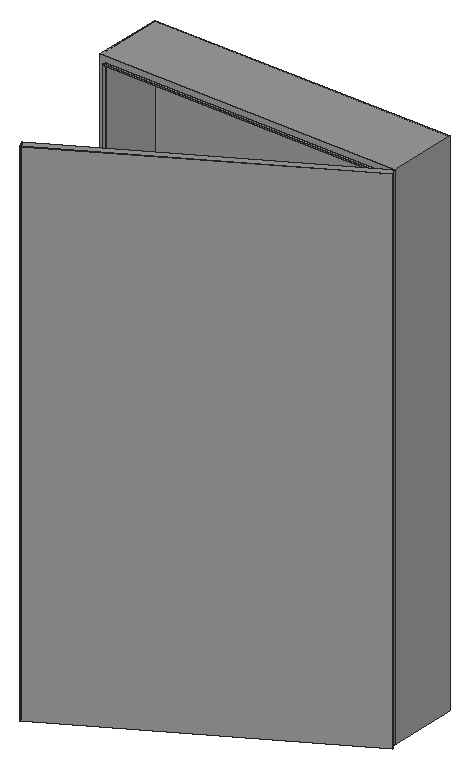
Revit family "Hager-Univers-IP54-D205-H1400-Cl.II-Encl-NoHosted-PL-en", category Equipement électrique, Revit 2020
Family settings
  Configuration du panneau = Deux colonnes, circuits au sein
  Cote de connecteur circulaire = Utiliser le diamètre
  Type d'élément = Tableau de raccordement
  Basée sur le plan de construction = Oui
  Toujours verticalement = Oui
  Couper avec des vides une fois chargée = Non
  Partagée = Non
  Point de calcul de pièce = Non
Parameters (values of type "Surface mounted (plaster) IP54 W800 H1400 D205  - FP93SW2")
  Width Control [instance] = if([EF000008 - Width] > Min Width, [EF000008 - Width], Min Width)  # 800 mm
  Commentaires du type = [HG000003 - Range]  # "Univers"
  Thickness Door [instance] = if([EF009171 - Material plate thickness door/cover] > 3 mm, 3 mm, [EF009171 - Material plate thickness door/cover])  # 1 mm
  Seal Frame Offset [instance] = 17 mm  # constant formula
  Plinth Visibility [instance] = [HG000027 - Plinth height] > 0 mm  # no
  Min Width [instance] = 100 mm  # constant formula
  Min Depth [instance] = (2 * [EF009170 - Material plate thickness cabinet]) + 1 mm  # 3 mm
  Min Height [instance] = 100 mm  # constant formula
  Internal Frame Depth [instance] = (Door System Depth * 0.5)  # 9 mm
  Panel Name [instance] = ""  # (empty or 0)
  Model = ""
  HG000027 - Plinth height = 0 mm
  HG000026 - Floor standing = no
  HG000024 - Bottom section height = 600 mm
  HG000023 - Double section enclosure = no
  HG000016 - Door 3d visibility [instance] = yes
  HG000015 - Clearance visibility [instance] = no
  HG000014 - Door on the right [instance] = yes
  HG000013 - Door on the left [instance] = not([HG000014 - Door on the right])  # no
  HG000012 - Door swing angle [instance] = 30.00°
  HG000010 - Asymmetric doors = no
  HG000009 - Double swing door = no
  HG000006 - Flush mounted = no
  HG000004 - Manufacturer reference = "FP93SW2"
  HG000003 - Range = "Univers"
  HG000002 - With door or cover = yes
  Frame Offset Bottom [instance] = 10 mm  # constant formula
  Frame Offset [instance] = 15 mm  # constant formula
  EF015940 - Cover with overpressure release = no
  EF011959 - Degree of protection (NEMA) = ""
  EF009554 - Number of openings for flange plates = 6
  EF009212 - Cover model = "EV000116 - Closed"
  EF009171 - Material plate thickness door/cover = 1 mm
  EF009170 - Material plate thickness cabinet = 1 mm
  EF008873 - Nominal current (In) = 250 A
  EF007800 - Suitable for lightning protection = no
  EF006306 - With lock = no
  EF006244 - Transparent cover/door = no
  EF005474 - Degree of protection (IP) = "EV006419 - IP54"
  EF004464 - Type of door = "EV002646 - Single"
  EF004427 - Number of modules = 324
  EF004293 - Impact strength = "EV006815 - IK09"
  EF003532 - Suitable for outdoor use = no
  EF002950 - Width in number of modular spacings = 36
  EF001613 - Circuit integrity = "EV000494 - None"
  EF001596 - Material housing = "EV000179 - Steel"
  EF001131 - Internal depth = 130 mm
  EF001088 - Extension possible = yes
  EF000437 - Number of conduit inlets = 6
  EF000339 - Type of cover = "EV004216 - Door"
  EF000266 - Number of rows = 9
  EF000218 - Built-in depth = 205 mm
  EF000118 - With mounting plate = no
  EF000116 - RAL-number = "9010"
  EF000049 - Depth = 205 mm
  EF000040 - Height = 1400 mm
  EF000008 - Width = 800 mm
  EF000007 - Colour = "EV000202 - White"
  EF000003 - Mounting method = "EV000384 - Surface mounted (plaster)"
  Door System Leaf Tolerance [instance] = 1.5 mm  # constant formula
  Door System Depth [instance] = 18 mm  # constant formula
  Door Height [instance] = Height Control - [HG000027 - Plinth height]  # 1400 mm
  Description = ""
  Default Elevation = 1219.2 mm
  Connector Offset [instance] = Height Control / 2  # 700 mm
  Fabricant = "Hager"  # constant formula
  Height Control [instance] = if([EF000040 - Height] > Min Height, [EF000040 - Height], Min Height)  # 1400 mm
  Depth Control [instance] = if([EF000049 - Depth] > Min Depth, [EF000049 - Depth], Min Depth)  # 205 mm
  Bottom Top Plate Trim [instance] = 1.5 mm  # constant formula
  Plinth height Ctrl [instance] = if([HG000027 - Plinth height] > 0 mm, [HG000027 - Plinth height], 12 mm)  # 12 mm
Types (5, lengths in mm): name | Width Control | HG000010 - Asymmetric doors | HG000009 - Double swing door | HG000004 - Manufacturer reference | EF009554 - Number of openings for flange plates | EF004464 - Type of door | EF004427 - Number of modules | EF002950 - Width in number of modular spacings | EF000437 - Number of conduit inlets | EF000008 - Width
  Surface mounted (plaster) IP54 W1050 H1400 D205  - FP94SW2 | 1050 | no | yes | "FP94SW2" | 8 | "EV003602 - Double" | 432 | 48 | 8 | 1050
  Surface mounted (plaster) IP54 W1300 H1400 D205  - FP95SW2 | 1300 | yes | yes | "FP95SW2" | 10 | "EV003602 - Double" | 540 | 60 | 10 | 1300
  Surface mounted (plaster) IP54 W300 H1400 D205  - FP91SW2 | 300 | no | no | "FP91SW2" | 2 | "EV002646 - Single" | 108 | 12 | 2 | 300
  Surface mounted (plaster) IP54 W550 H1400 D205  - FP92SW2 | 550 | no | no | "FP92SW2" | 4 | "EV002646 - Single" | 216 | 24 | 4 | 550
  Surface mounted (plaster) IP54 W800 H1400 D205  - FP93SW2 | 800 | no | no | "FP93SW2" | 6 | "EV002646 - Single" | 324 | 36 | 6 | 800
Reference planes
  plane 1 "Center (Front/Back)": y = 0
  plane 2: z = 0
  plane 3 "Center (Left/Right)": x = 0
  plane 4: y = 0
  plane 5: y = 0
  plane 6: z = 0
  plane 7: x = -400
  plane 8: x = 400
  plane 9: x = 399
  plane 10: x = -399
  plane 11: z = 0
  plane 12: z = 1
  plane 13: y = -205
  plane 14: y = -1
  plane 15: x = 0
  plane 16: y = -187
  plane 17: y = -204
  plane 18: y = -186
  plane 19: x = -384
  plane 20: x = 384
  plane 21: z = 11
  plane 22: x = -383
  plane 23: x = 383
  plane 24: z = 0
  plane 25: z = 1400
  plane 26: z = 1400
  plane 27: z = 1384
  plane 28: z = 1399
Forms (mm)
  Extrusion 1, solid, material "Hager_Steel_RAL7035_Light_Grey", detail levels medium+fine
    sketch origin (-208.679, -4572, 0) x (-1, 0, 0) y (0, -1, 0)
      loop
        line (191.321, -4385) -> (-608.679, -4385) -> (-608.679, -4572) -> (191.321, -4572) -> (191.321, -4385)
    from 0 to 1400
  Extrusion 2, void
    sketch origin (-350.771, -205, 1219.2) x (1, 0, 0) y (0, 0, 1)
      loop
        line (-48.229, 179.8) -> (-48.229, -1218.2) -> (749.771, -1218.2) -> (749.771, 179.8) -> (-48.229, 179.8)
    from -19 to -204
  Extrusion 3, void
    sketch origin (-290.084, -187, 1219.2) x (1, 0, 0) y (0, 0, 1)
      loop
        line (-93.916, -1208.2) -> (674.084, -1208.2) -> (674.084, 164.8) -> (-93.916, 164.8) -> (-93.916, -1208.2)
    from 0 to -1
  Extrusion 4, solid, material "Hager_Steel_RAL7035_Light_Grey", visible <- "Plinth Visibility", detail levels medium+fine
    sketch origin (0, 0, 0) x (1, 0, 0) y (0, 1, 0)
      loop
        line (-400, 0) -> (-400, -187) -> (400, -187) -> (400, 0) -> (-400, 0)
    from 0 to 12 <- "Plinth height Ctrl"
  Extrusion 5, solid, material "Hager_Steel_RAL7035_Light_Grey", detail levels coarse
    sketch origin (0, 0, 0) x (1, 0, 0) y (0, 1, 0)
      loop
        line (-400, 0) -> (-400, -205) -> (400, -205) -> (400, 0) -> (-400, 0)
    from 0 to 1400 <- "Height Control"
  Sweep 6, void
    path in 3D
      loop
        line (-400, -187, 12) -> (400, -187, 12) -> (400, 0, 12) -> (-400, 0, 12) -> (-400, -187, 12)
    profile origin (-400, -93.5, 12) x (1, 0, 0) y (0, 0, 1)
      loop
        line (0, 0) -> (0, -1.5) -> (1.5, -1.5)
        arc (1.5, -1.5) -> (1.061, -0.439) -> (0, 0) r 1.5
  Extrusion 7, solid, material "Hager_Steel_RAL7035_Light_Grey", detail levels fine
    sketch origin (-400, -187, 0) x (1, 0, 0) y (0, 0, 1)
      loop
        line (16, 11) -> (784, 11) -> (784, 1384) -> (16, 1384) -> (16, 11)
      loop
        line (15, 10) -> (785, 10) -> (785, 1385) -> (15, 1385) -> (15, 10)
    from 0 to 9 <- "Internal Frame Depth"
Cuts and joins
  Extrusion 2, Extrusion 3 cuts Extrusion 1
  Sweep 6 cuts Extrusion 4
Lines and regions (mm)
  Masking region 1
    outline origin (0, 0, 0) x (1, 0, 0) y (0, 1, 0)
      loop
        line (-400, 0) -> (-400, -205) -> (400, -205) -> (400, 0) -> (-400, 0)
  Masking region 2, detail levels coarse
    outline origin (-290.084, -187, 1219.2) x (-1, 0, 0) y (0, 0, 1)
      loop
        line (-690.084, -1219.2) -> (109.916, -1219.2) -> (109.916, 180.8) -> (-690.084, 180.8) -> (-690.084, -1219.2)
  Masking region 3, detail levels coarse
    outline origin (0, 0, 0) x (0, 1, 0) y (0, 0, 1)
      loop
        line (0, 0) -> (0, 1400) -> (-205, 1400) -> (-205, 0) -> (0, 0)
  Masking region 4, visible <- "Plinth Visibility", detail levels medium+fine
    outline origin (0, 0, 0) x (0, 1, 0) y (0, 0, 1)
      loop
        line (-1.5, 12) -> (-185.5, 12)
        arc (-185.5, 12) -> (-185.939, 10.939) -> (-187, 10.5) r 1.5
        line (-187, 10.5) -> (-187, 0) -> (0, 0) -> (0, 10.5)
        arc (0, 10.5) -> (-1.061, 10.939) -> (-1.5, 12) r 1.5
  Masking region 5, detail levels medium+fine
    outline origin (0, 0, 594.038) x (0, 1, 0) y (0, 0, 1)
      loop
        line (0, -594.038) -> (0, 805.962) -> (-187, 805.962) -> (-187, -594.038) -> (0, -594.038)
  Masking region 6, detail levels medium+fine
    outline origin (-359.7, -187, 1211.883) x (-1, 0, 0) y (0, 0, 1)
      loop
        line (-759.7, -1211.883) -> (40.3, -1211.883) -> (40.3, 188.117) -> (-759.7, 188.117) -> (-759.7, -1211.883)
  Masking region 7, visible <- "Plinth Visibility", detail levels medium+fine
    outline origin (-320.334, -187, 1041.368) x (-1, 0, 0) y (0, 0, 1)
      loop
        line (-720.334, -1041.368) -> (79.666, -1041.368) -> (79.666, -1030.868)
        arc (79.666, -1030.868) -> (78.606, -1030.429) -> (78.166, -1029.368) r 1.5
        line (78.166, -1029.368) -> (-718.834, -1029.368)
        arc (-718.834, -1029.368) -> (-719.273, -1030.429) -> (-720.334, -1030.868) r 1.5
        line (-720.334, -1030.868) -> (-720.334, -1041.368)
  sketch lines
    curve 1: line (-400, 0, 12) -> (-400, -187, 12)
    curve 2: line (-400, -187, 12) -> (400, -187, 12)
    curve 3: line (400, 0, 12) -> (-400, 0, 12)
    curve 4: line (400, -187, 12) -> (400, 0, 12)
Dimensions and locks
  locked: plane 1 "Center (Front/Back)" to plane 5
  "EF009170 - Material plate thickness cabinet": plane 7 to plane 10
  "EF009170 - Material plate thickness cabinet": plane 8 to plane 9
  equal spacing: plane 7, plane 3 "Center (Left/Right)", plane 8
  "Width Control": plane 7 to plane 8
  "Depth Control": plane 4 to plane 13
  "EF009170 - Material plate thickness cabinet": plane 4 to plane 14
  "Height Control": plane 25 to level
  "HG000027 - Plinth height": plane 11 to level
  "EF009170 - Material plate thickness cabinet": plane 12 to plane 11
  "EF009170 - Material plate thickness cabinet": plane 17 to plane 13
  "EF009170 - Material plate thickness cabinet": plane 18 to plane 16
  "Frame Offset Bottom": plane 21 to plane 12
  "Frame Offset": plane 10 to plane 19
  "Frame Offset": plane 9 to plane 20
  "Door System Depth": plane 16 to plane 13
  "Seal Frame Offset": plane 7 to plane 22
  "Seal Frame Offset": plane 8 to plane 23
  "EF009170 - Material plate thickness cabinet": plane 26 to plane 28
  "Frame Offset": plane 28 to plane 27
  "Connector Offset": plane 2 to connector elem
  "Bottom Top Plate Trim": profile plane to Sweep 6 sketch curve
  "Bottom Top Plate Trim": Sweep 6 sketch curve to Sweep 6 sketch curve
  "Plinth height Ctrl": Masking region 4 sketch curve to level
  "Plinth height Ctrl": Masking region 7 sketch curve to level
  "Thickness Door": Extrusion 7 sketch curve to Extrusion 7 sketch curve  (x4)
  "Bottom Top Plate Trim": radius of Sweep 6 sketch curve
  "Bottom Top Plate Trim": radius of Masking region 4 sketch curve  (x2)
  "Bottom Top Plate Trim": radius of Masking region 7 sketch curve  (x2)
  aligned and locked: Extrusion 2 sketch curve to plane 12
  aligned and locked: Extrusion 2 sketch curve to plane 9
  aligned and locked: Extrusion 2 sketch curve to plane 10
  aligned and locked: Extrusion 2 to plane 14
  aligned and locked: Extrusion 1 sketch curve to plane 4
  aligned and locked: plane 8 to Extrusion 1 sketch curve
  aligned and locked: plane 7 to Extrusion 1 sketch curve
  aligned and locked: Extrusion 2 to plane 18
  aligned and locked: Extrusion 3 sketch curve to plane 19
  aligned and locked: plane 20 to Extrusion 3 sketch curve
  aligned and locked: Extrusion 3 to Extrusion 2
  aligned and locked: Extrusion 3 sketch curve to plane 21
  aligned and locked: plane 3 "Center (Left/Right)" to nested 1
  aligned and locked: Extrusion 1 sketch curve to plane 16
  aligned and locked: Extrusion 4 sketch curve to cut or joined group of Extrusion 1, Extrusion 2, Extrusion 3
  aligned and locked: Masking region 1 sketch curve to plane 7
  aligned and locked: Masking region 1 sketch curve to plane 5
  aligned and locked: Masking region 1 sketch curve to plane 8
  aligned and locked: Masking region 2 sketch curve to level
  aligned and locked: level to Masking region 3 sketch curve
  aligned and locked: plane 1 "Center (Front/Back)" to Masking region 3 sketch curve
  aligned and locked: plane 13 to Masking region 3 sketch curve
  aligned and locked: plane 5 to Masking region 4 sketch curve
  aligned and locked: Masking region 2 sketch curve to plane 8
  aligned and locked: Masking region 2 sketch curve to plane 7
  aligned and locked: plane 7 to nested 2
  aligned and locked: nested 2 to plane 5
  aligned and locked: plane 5 to Masking region 5 sketch curve
  aligned and locked: plane 26 to Masking region 5 sketch curve
  aligned and locked: Extrusion 5 sketch curve to plane 8
  aligned and locked: Extrusion 5 sketch curve to plane 7
  aligned and locked: Extrusion 5 sketch curve to plane 5
  aligned and locked: Extrusion 3 sketch curve to plane 27
  aligned and locked: Extrusion 2 sketch curve to plane 28
  aligned and locked: Masking region 2 to plane 25
  aligned and locked: Extrusion 4 to plane 16
  aligned and locked: profile plane to Sweep 6 sketch curve
  aligned and locked: Masking region 5 sketch curve to plane 24
  aligned and locked: level to Masking region 4 sketch curve
  aligned and locked: Masking region 1 to plane 13
  aligned and locked: nested 1 to plane 16
  aligned and locked: Masking region 3 to plane 25
  aligned and locked: plane 16 to Masking region 4 sketch curve
  aligned and locked: Masking region 5 sketch curve to plane 16
  aligned and locked: plane 24 to plane 11
  aligned and locked: plane 26 to plane 25
  aligned and locked: plane 26 to cut or joined group of Extrusion 1, Extrusion 2, Extrusion 3
  aligned and locked: nested 1 to plane 24
  aligned and locked: Extrusion 1 to Extrusion 3
  aligned and locked: Masking region 6 sketch curve to plane 8
  aligned and locked: Masking region 6 sketch curve to plane 24
  aligned and locked: Masking region 6 sketch curve to plane 7
  aligned and locked: Masking region 6 sketch curve to plane 26
  aligned and locked: Masking region 7 sketch curve to plane 7
  aligned and locked: level to Masking region 7 sketch curve
  aligned and locked: Masking region 7 sketch curve to plane 8
  aligned and locked: Extrusion 7 sketch curve to cut or joined group of Extrusion 1, Extrusion 2, Extrusion 3  (x4)
Automatic sketch dimensions
  plane 19 to Extrusion 3 sketch curve = 0 mm
  Extrusion 3 sketch curve to plane 20 = 0 mm
  Extrusion 3 sketch curve to plane 21 = 0 mm
  Extrusion 4 sketch curve to plane 7 = 0 mm
  Extrusion 4 sketch curve to plane 8 = 0 mm
  Extrusion 4 sketch curve to plane 16 = 0 mm
  Masking region 1 sketch curve to plane 13 = 0 mm
  Masking region 2 sketch curve to plane 25 = 0 mm
  Masking region 3 sketch curve to plane 25 = 0 mm
  Extrusion 5 sketch curve to plane 13 = 0 mm
  profile plane to Sweep 6 sketch curve = 0 mm
Nested families
  nested 1: "EC000058_Univers_Door" at (0, -187, 0), Double <- "HG000009 - Double swing door", Transparent <- "EF006244 - Transparent cover/door", Angle <- "HG000012 - Door swing angle", Door_Right <- "HG000014 - Door on the right", Assymetrical <- "HG000010 - Asymmetric doors", Door <- "HG000002 - With door or cover", Width_Ctrl <- "Width Control", 3d_Door <- "HG000016 - Door 3d visibility", Clearance <- "HG000015 - Clearance visibility", Door_Left <- "HG000013 - Door on the left", Width <- "Width Control", Door_Depth <- "Door System Depth", Leaf_Tolerance <- "Door System Leaf Tolerance", Height <- "Door Height", Lock_Visibility <- "EF006306 - With lock", Thickness <- "Thickness Door", type "EC000058_Univers_Door", detail levels medium+fine
    with min_wh 3 mm, Width_Ctrl 800 mm, Width 800 mm, Transparent no, Thickness 1 mm, Seal_Material Hager_Rubber, Lock_Visibility no, Lock_Material Hager_Plastic_RAL9005_Jet_Black, Leaf_Width 800 mm, Leaf_Tolerance_External_Sides 0 mm, Leaf_Tolerance 1.5 mm, Leaf_Offset 0 mm, Leaf_Height 1397 mm, Leaf_2_Width 800 mm, Leaf_2_Offset 400 mm, Leaf_1_Width 800 mm, Leaf_1_Offset 400 mm, Height_Ctrl 1400 mm, Height 1400 mm, Glass_Material Hager_Glass, Double_Clearance_Ctrl no, Double no, Door_Right_Ctrl yes, Door_Right yes, Door_Material Hager_Steel_RAL7035_Light_Grey, Door_Left_Ctrl no, Door_Left no, Door_Depth 18 mm, Door yes, Clearance_Material Hager_Clearance, Clearance_Depth 800 mm, Clearance_Ctrl no, Clearance no, Assymetrical no, Angle 30.00°, 3d_Door yes
  nested 2: "Hager_Enclosure_Symbol" at (-400, 0, 0), Height <- "Depth Control", Width <- "Width Control", type "Hager_Enclosure_Symbol"
    with Width_Ctrl 800 mm, Width 800 mm, Height_Ctrl 205 mm, Height 205 mm, A_Width_Int 13.453 mm, A_Width 161.438 mm, A_Height_Ctrl 179.375 mm, A_Height 179.375 mm
Connectors
  electrical at (0, 0, 700)
    settings: on plane 1 "Center (Front/Back)", index 1, voltage 0 V, apparent load 0 VA, apparent load phase1 0 VA, apparent load phase2 0 VA, apparent load phase3 0 VA, power factor 1, load classification "Other", number of poles 1, system type 30, power factor state 1, is connector primary yes, connector utility no, sub classification motor no, connector description ""
Definition of nested family "EC000058_Univers_Door"
  Parameters (values of type "EC000058_Univers_Door")
    min_wh [instance] = (2 * Thickness) + 1 mm  # 11 mm
    Width_Ctrl [instance] = 400 mm
    Width [instance] = 500 mm
    Transparent [instance] = yes
    Thickness [instance] = 5 mm
    Seal_Material [instance] = none
    Lock_Visibility [instance] = yes
    Lock_Material [instance] = none
    Leaf_Width [instance] = if((Width_Ctrl - 2 * Leaf_Tolerance_External_Sides) > 0 mm, (Width_Ctrl - 2 * Leaf_Tolerance_External_Sides), min_wh)  # 400 mm
    Leaf_Tolerance_External_Sides [instance] = 0 mm  # constant formula
    Leaf_Tolerance [instance] = 1.5 mm
    Leaf_Offset [instance] = 0 mm  # constant formula
    Leaf_Height [instance] = if((Height_Ctrl - 2 * Leaf_Tolerance) > 0 mm, (Height_Ctrl - 2 * Leaf_Tolerance), min_wh)  # 497 mm
    Leaf_2_Width [instance] = if(and(and(Double, Assymetrical), Door_Left), (Leaf_Width / 3) - (Leaf_Tolerance / 2), if(and(and(Double, Assymetrical), Door_Right), (Leaf_Width / 3) * 2 - (Leaf_Tolerance / 2), if(and(Double, not(Assymetrical)), (Leaf_Width / 2) - Leaf_Tolerance, Leaf_Width)))  # 400 mm
    Leaf_2_Offset [instance] = if(and(Double, Assymetrical), Leaf_2_Width / 2, if(and(Double, not(Assymetrical)), Leaf_Width / 4, Leaf_Width / 2))  # 200 mm
    Leaf_1_Width [instance] = if(and(and(Double, Assymetrical), Door_Right), (Leaf_Width / 3) - (Leaf_Tolerance / 2), if(and(and(Double, Assymetrical), Door_Left), (Width / 3) * 2 - (Leaf_Tolerance / 2), if(and(Double, not(Assymetrical)), (Leaf_Width / 2) - Leaf_Tolerance, Leaf_Width)))  # 400 mm
    Leaf_1_Offset [instance] = if(and(Double, Assymetrical), Leaf_1_Width / 2, if(and(Double, not(Assymetrical)), Leaf_Width / 4, Leaf_Width / 2))  # 200 mm
    Height_Ctrl [instance] = if(Height > min_wh, Height, min_wh)  # 500 mm
    Height [instance] = 500 mm
    Glass_Material [instance] = none
    Double_Clearance_Ctrl [instance] = and(Double, Clearance)  # no
    Double [instance] = no
    Door_Right_Ctrl [instance] = and(or(Door_Right, Double), Door)  # yes
    Door_Right [instance] = yes
    Door_Material [instance] = none
    Door_Left_Ctrl [instance] = and(or(Door_Left, Double), Door)  # no
    Door_Left [instance] = no
    Door_Depth [instance] = 30 mm
    Door [instance] = yes
    Default Elevation = 1219.2 mm
    Clearance_Material [instance] = none
    Clearance_Depth [instance] = if(Leaf_1_Width > Leaf_2_Width, Leaf_1_Width, Leaf_2_Width)  # 400 mm
    Clearance_Ctrl [instance] = and(not(Double), Clearance)  # yes
    Clearance [instance] = yes
    Assymetrical [instance] = yes
    Angle [instance] = 30.00°
    3d_Door [instance] = yes
  Reference planes
    plane 1 "Center (Front/Back)": y = 0
    plane 2 "Bottom": z = 0
    plane 3 "Center (Left/Right)": x = 0
    plane 4: z = 500
    plane 5: x = -200
    plane 6: x = 200
    plane 7: z = 500
    plane 8: x = -200
    plane 9: z = 0
    plane 10: x = 200
    plane 11: y = 0
    plane 12: z = 1.5
    plane 13: x = -600
    plane 14: y = -400
    plane 15: x = 600
    plane 16: x = 0
    plane 17: x = 0
    plane 18: x = -200
    plane 19: x = 200
    plane 20: z = 498.5
  Forms (mm)
    Extrusion 1, solid, material <- "Clearance_Material", visible <- "Double_Clearance_Ctrl"
      sketch origin (1200, 0, 0) x (1, 0, 0) y (0, 0, -1)
        loop
          line (-1800, -498.5) -> (-600, -498.5) -> (-600, 0) -> (-1800, 0) -> (-1800, -498.5)
      from 0 to -400
  Dimensions and locks
    equal spacing: plane 5, plane 3 "Center (Left/Right)", plane 6
    "Width_Ctrl": plane 5 to plane 6
    "Leaf_Offset": plane 5 to plane 8
    "Leaf_Offset": plane 6 to plane 10
    "Leaf_Offset": plane 9 to level
    "Leaf_Offset": plane 4 to plane 7
    "Height_Ctrl": plane 4 to level
    "Leaf_Tolerance": plane 12 to plane 9
    locked: plane 11 to plane 1 "Center (Front/Back)"
    "Leaf_1_Offset": plane 18 to plane 16
    "Leaf_2_Offset": plane 17 to plane 19
    "Leaf_1_Width": plane 13 to plane 8
    "Leaf_2_Width": plane 10 to plane 15
    "Clearance_Depth": plane 14 to plane 1 "Center (Front/Back)"
    "Leaf_Tolerance_External_Sides": plane 8 to plane 18
    "Leaf_Tolerance_External_Sides": plane 19 to plane 10
    "Leaf_Tolerance": plane 7 to plane 20
    aligned and locked: level to plane 2 "Bottom"
    aligned and locked: nested 1 to plane 16
    aligned and locked: nested 2 to plane 17
    aligned and locked: Extrusion 1 to plane 13
    aligned and locked: plane 15 to Extrusion 1
    aligned and locked: Extrusion 1 to plane 14
    aligned and locked: plane 12 to nested 1
    aligned and locked: nested 2 to plane 12
    aligned and locked: Extrusion 1 to plane 11
    aligned and locked: plane 20 to Extrusion 1
    aligned and locked: nested 2 to plane 11
    aligned and locked: nested 1 to plane 11
  Automatic sketch dimensions
    Extrusion 1 sketch curve to level = 0 mm
    plane 5 to Extrusion 1 sketch curve = 400 mm
    plane 6 to Extrusion 1 sketch curve = 400 mm
    Extrusion 1 sketch curve to plane 4 = 1.5 mm
  Nested families
    nested 1: "EC000058_Univers_Door_Leaf" at (0, 0, 1.5), Width <- "Leaf_1_Width", visible <- "Door_Left_Ctrl", Leaf_Height <- "Leaf_Height", Angle <- "Angle", 3d_Door <- "3d_Door", Transparent <- "Transparent", Clearance Material <- "Clearance_Material", Clearance <- "Clearance_Ctrl", Door_Material <- "Door_Material", Glass_Material <- "Glass_Material", Door_Depth <- "Door_Depth", Lock_Material <- "Lock_Material", Seal_Material <- "Seal_Material", Lock_Visibility <- "Lock_Visibility", Thickness <- "Thickness", type "EC000058_Univers_Door_Leaf"
      with Width 400 mm, Transparent_Glass_Offset 30 mm, Transparent_Ctrl yes, Transparent yes, Thickness 5 mm, Standard no, Seal_Material none, Seal_D2 8 mm, Seal_D1 1 mm, Offset_Internal_Frame 10 mm, Lock_Width 20 mm, Lock_Visibility_3d yes, Lock_Visibility yes, Lock_Thickness_3 3 mm, Lock_Thickness_2 1 mm, Lock_Thickness_1 3 mm, Lock_Radius_Offset_2 16 mm, Lock_Radius_Offset_1 15 mm, Lock_Radius_2 5 mm, Lock_Radius 6 mm, Lock_Offset 5 mm, Lock_Material none, Lock_Height 80 mm, Lock_Cover_Top_Offset_2d 17 mm, Lock_Cover_Height -65 mm, Leaf_Height 497 mm, Internal_Seal_Thickness 8 mm, Internal_Seal_Depth_2 4.5 mm, Internal_Frame_Depth 25 mm, Glass_Thickness -1 mm, Glass_Offset -2 mm, Glass_Material none, Door_Material none, Door_Depth 30 mm, Clearance Material none, Clearance yes, Angle_Ctrl 30.00°, Angle 30.00°, 3d_Door yes
    nested 2: "EC000058_Univers_Door_Leaf" at (0, 0, 1.5) x (-1, 0, 0) z (0, 0, 1), Width <- "Leaf_2_Width", visible <- "Door_Right_Ctrl", Leaf_Height <- "Leaf_Height", Angle <- "Angle", 3d_Door <- "3d_Door", Transparent <- "Transparent", Clearance Material <- "Clearance_Material", Clearance <- "Clearance_Ctrl", Door_Material <- "Door_Material", Glass_Material <- "Glass_Material", Door_Depth <- "Door_Depth", Lock_Material <- "Lock_Material", Seal_Material <- "Seal_Material", Lock_Visibility <- "Lock_Visibility", Thickness <- "Thickness", type "EC000058_Univers_Door_Leaf"
      with Width 400 mm, Transparent_Glass_Offset 30 mm, Transparent_Ctrl yes, Transparent yes, Thickness 5 mm, Standard no, Seal_Material none, Seal_D2 8 mm, Seal_D1 1 mm, Offset_Internal_Frame 10 mm, Lock_Width 20 mm, Lock_Visibility_3d yes, Lock_Visibility yes, Lock_Thickness_3 3 mm, Lock_Thickness_2 1 mm, Lock_Thickness_1 3 mm, Lock_Radius_Offset_2 16 mm, Lock_Radius_Offset_1 15 mm, Lock_Radius_2 5 mm, Lock_Radius 6 mm, Lock_Offset 5 mm, Lock_Material none, Lock_Height 80 mm, Lock_Cover_Top_Offset_2d 17 mm, Lock_Cover_Height -65 mm, Leaf_Height 497 mm, Internal_Seal_Thickness 8 mm, Internal_Seal_Depth_2 4.5 mm, Internal_Frame_Depth 25 mm, Glass_Thickness -1 mm, Glass_Offset -2 mm, Glass_Material none, Door_Material none, Door_Depth 30 mm, Clearance Material none, Clearance yes, Angle_Ctrl 30.00°, Angle 30.00°, 3d_Door yes
  Definition of nested family "EC000058_Univers_Door_Leaf"
    Parameters (values of type "EC000058_Univers_Door_Leaf")
      Width [instance] = 2000 mm
      Transparent_Glass_Offset [instance] = 30 mm
      Transparent_Ctrl [instance] = and(Transparent, [3d_Door])  # yes
      Transparent [instance] = yes
      Thickness [instance] = 5 mm
      Standard [instance] = and(not(Transparent), [3d_Door])  # no
      Seal_Material [instance] = none
      Seal_D2 [instance] = 8 mm  # constant formula
      Seal_D1 [instance] = 1 mm  # constant formula
      Offset_Internal_Frame [instance] = 10 mm  # constant formula
      Lock_Width [instance] = 20 mm  # constant formula
      Lock_Visibility_3d [instance] = and(Lock_Visibility, [3d_Door])  # yes
      Lock_Visibility [instance] = yes
      Lock_Thickness_3 [instance] = 3 mm  # constant formula
      Lock_Thickness_2 [instance] = 1 mm  # constant formula
      Lock_Thickness_1 [instance] = 3 mm  # constant formula
      Lock_Radius_Offset_2 [instance] = Lock_Radius_Offset_1 + 1 mm  # 16 mm
      Lock_Radius_Offset_1 [instance] = 15 mm  # constant formula
      Lock_Radius_2 [instance] = Lock_Radius - 1 mm  # 5 mm
      Lock_Radius [instance] = 6 mm  # constant formula
      Lock_Offset [instance] = 5 mm  # constant formula
      Lock_Material [instance] = none
      Lock_Height [instance] = 80 mm  # constant formula
      Lock_Cover_Top_Offset_2d [instance] = Lock_Radius_Offset_2 + 1 mm  # 17 mm
      Lock_Cover_Height [instance] = -(Lock_Height - Lock_Radius_Offset_1)  # -65 mm
      Leaf_Height [instance] = 2720.336 mm
      Internal_Seal_Thickness [instance] = 8 mm  # constant formula
      Internal_Seal_Depth_2 [instance] = 4.5 mm  # constant formula
      Internal_Frame_Depth [instance] = if(Door_Depth - Thickness > 5 mm, Door_Depth - Thickness, 5 mm)  # 25 mm
      Glass_Thickness [instance] = if(Thickness > 15 mm, Glass_Offset + 10 mm, -1 mm)  # -1 mm
      Glass_Offset [instance] = if(Thickness > 15 mm, -(Thickness + 10 mm) / 2, -2 mm)  # -2 mm
      Glass_Material [instance] = none
      Door_Material [instance] = none
      Door_Depth [instance] = 30 mm
      Default Elevation = 0 mm
      Clearance Material [instance] = none
      Clearance [instance] = yes
      Angle_Ctrl [instance] = if(Angle > 180.00°, 180.00°, Angle)  # 90.00°
      Angle [instance] = 90.00°
      3d_Door [instance] = yes
    Reference planes
      plane 1 "Center (Front/Back)": y = 0
      plane 2: z = 0
      plane 3 "Center (Left/Right)": x = 0
      plane 4: y = 2000
      plane 5: x = -1000
      plane 6: x = 1000
      plane 7: x = -3000
      plane 8: z = 2720.336
      plane 9: z = 30
      plane 10: z = 2690.336
      plane 11: x = 970
      plane 12: x = -970
      plane 13: y = -3
      plane 14: z = 107.833
      plane 15: y = -5
      plane 16: y = -223.314
      plane 17: x = -1000
      plane 18: z = 1360.168
      plane 19: y = 30
    Forms (mm)
      Extrusion 1, solid, material <- "Clearance Material", visible <- "Clearance"
        sketch origin (0, 0, 0) x (1, 0, 0) y (0, 0, 1)
          loop
            line (-3000, 2720.336) -> (-3000, 0) -> (1000, 0) -> (1000, 2720.336) -> (-3000, 2720.336)
        from 0 to -2000
      Extrusion 2, solid, material <- "Door_Material", visible <- "Standard", detail levels medium+fine
        sketch origin (-1000, 0, 0) x (0, 1, 0) y (-1, 0, 0)
          loop
            line (0, 30) -> (0, 25) -> (2000, 25) -> (2000, 30) -> (0, 30)
        from 0 to 2720.336 <- "Leaf_Height"
      Extrusion 3, solid, material <- "Door_Material", visible <- "Transparent_Ctrl", detail levels medium+fine
        sketch origin (-1000, 0, 0) x (0, 1, 0) y (-1, 0, 0)
          loop
            line (0, 25) -> (2000, 25) -> (2000, 30) -> (0, 30) -> (0, 25)
        from 0 to 2720.336 <- "Leaf_Height"
      Extrusion 4, void
        sketch origin (-1025, 2000, 0) x (0, 1, 0) y (0, 0, -1)
          loop
            line (-30, -2690.336) -> (-30, -30) -> (-1970, -30) -> (-1970, -2690.336) -> (-30, -2690.336)
        from 0 to 5 <- "Thickness"
      Sweep 5, solid, material <- "Seal_Material", visible <- "Transparent_Ctrl", detail levels fine
        path in 3D
          loop
            line (-1025, 30, 30) -> (-1025, 30, 2690.336) -> (-1025, 1970, 2690.336) -> (-1025, 1970, 30) -> (-1025, 30, 30)
        profile origin (-1025, 1000, 30) x (1, 0, 0) y (0, 0, 1)
          loop
            line (0, 0) -> (0, -8) -> (1, -8) -> (1, 0) -> (0, 0)
      Extrusion 6, solid, material <- "Glass_Material", visible <- "Transparent_Ctrl", detail levels medium+fine
        sketch origin (-1030, 0, 0) x (0, 1, 0) y (0, 0, -1)
          loop
            line (1970, -2690.336) -> (1970, -30) -> (30, -30) -> (30, -2690.336) -> (1970, -2690.336)
        from -2 <- "Glass_Offset" to -1 <- "Glass_Thickness"
      Extrusion 7, solid, material <- "Door_Material", visible <- "3d_Door", detail levels medium+fine
        sketch origin (-1025, 2000, 0) x (0, -1, 0) y (0, 0, -1)
          loop
            line (0, -2720.336) -> (2000, -2720.336) -> (2000, 0) -> (0, 0) -> (0, -2720.336)
          loop
            line (1995, -5) -> (5, -5) -> (5, -2715.336) -> (1995, -2715.336) -> (1995, -5)
        from 0 to 25 <- "Internal_Frame_Depth"
      Sweep 8, solid, material <- "Seal_Material", visible <- "Transparent_Ctrl", detail levels fine
        path in 3D
          loop
            line (-1025, 0, 0) -> (-1025, 2000, 0) -> (-1025, 2000, 2720.336) -> (-1025, 0, 2720.336) -> (-1025, 0, 0)
        profile origin (-1025, 0, 1360.168) x (1, 0, 0) y (0, 1, 0)
          loop
            line (0, 10) -> (2.975, 10)
            arc (2.975, 10) -> (4.053, 10.447) -> (4.5, 11.525) r 1.525
            line (4.5, 11.525) -> (4.5, 16.527)
            arc (4.5, 16.527) -> (4.069, 17.569) -> (3.027, 18) r 1.473
            line (3.027, 18) -> (0, 18) -> (0, 10)
      Extrusion 9, solid, material <- "Lock_Material", visible <- "Lock_Visibility_3d", detail levels fine
        sketch origin (-1030, 0, 0) x (0, 1, 0) y (0, 0, -1)
          loop
            arc (1993.5, -1400.168) -> (1994.561, -1399.729) -> (1995, -1398.668) r 1.5
            line (1995, -1398.668) -> (1995, -1320.168) -> (1975, -1320.168) -> (1975, -1398.668)
            arc (1975, -1398.668) -> (1975.439, -1399.729) -> (1976.5, -1400.168) r 1.5
            line (1976.5, -1400.168) -> (1993.5, -1400.168)
        from 3 <- "Lock_Thickness_1" to 0
      Blend 10, solid, material <- "Lock_Material", visible <- "Lock_Visibility_3d", detail levels fine
        base sketch origin (-1033, 0, 0) x (0, 1, 0) y (0, 0, -1)
          loop
            line (1975, -1320.168) -> (1975, -1398.668)
            arc (1975, -1398.668) -> (1975.439, -1399.729) -> (1976.5, -1400.168) r 1.5
            line (1976.5, -1400.168) -> (1993.5, -1400.168)
            arc (1993.5, -1400.168) -> (1994.561, -1399.729) -> (1995, -1398.668) r 1.5
            line (1995, -1398.668) -> (1995, -1320.168) -> (1975, -1320.168)
        top sketch origin (-1033, 0, 0) x (0, 1, 0) y (0, 0, -1)
          loop
            line (1976, -1320.168) -> (1976, -1398.668)
            arc (1976, -1398.668) -> (1976.146, -1399.022) -> (1976.5, -1399.168) r 0.5
            line (1976.5, -1399.168) -> (1993.5, -1399.168)
            arc (1993.5, -1399.168) -> (1993.854, -1399.022) -> (1994, -1398.668) r 0.5
            line (1994, -1398.668) -> (1994, -1320.168) -> (1976, -1320.168)
        from 0 to 1 <- "Lock_Thickness_2"
      Blend 11, solid, material <- "Lock_Material", visible <- "Lock_Visibility_3d", detail levels fine
        base sketch origin (-1034, 0, 0) x (0, 1, 0) y (0, 0, -1)
          loop
            line (1978, -1320.168) -> (1978, -1384.168)
            arc (1978, -1384.168) -> (1985, -1391.168) -> (1992, -1384.168) r 7
            line (1992, -1384.168) -> (1992, -1320.168) -> (1978, -1320.168)
        top sketch origin (-1034, 0, 0) x (0, 1, 0) y (0, 0, -1)
          loop
            line (1991, -1320.168) -> (1979, -1320.168) -> (1979, -1383.168)
            arc (1979, -1383.168) -> (1985, -1389.168) -> (1991, -1383.168) r 6
            line (1991, -1383.168) -> (1991, -1320.168)
        from 0 to 3 <- "Lock_Thickness_3"
      Extrusion 12, solid, material <- "Lock_Material", visible <- "Lock_Visibility_3d", detail levels fine
        sketch origin (-1030, 1975, 1320.168) x (1, 0, 0) y (0, -1, 0)
          loop
            line (-7, -19) -> (-7, -1) -> (0, -1) -> (0, 0) -> (-8, 0) -> (-8, -20) -> (0, -20) -> (0, -19) -> (-7, -19)
        from 0 to -65 <- "Lock_Cover_Height"
      Extrusion 13, void
        sketch origin (-1038, 1995, 1320.168) x (-1, 0, 0) y (0, 0, -1)
          loop
            line (-5, -65) -> (0, -65) -> (-5, -60) -> (-5, -65)
        from 0 to 20 <- "Lock_Width"
      Extrusion 14, void
        sketch origin (-1038, 1975, 1320.168) x (0, -1, 0) y (0, 0, -1)
          loop
            circle (-10, -15.995) r 6
          loop
            circle (-10, -15.995) r 5
        from 0 to 2
      Extrusion 15, solid, material <- "Lock_Material", visible <- "Lock_Visibility_3d", detail levels medium
        sketch origin (-1030, 0, 0) x (0, 1, 0) y (0, 0, -1)
          loop
            arc (1993.5, -1400.168) -> (1994.561, -1399.729) -> (1995, -1398.668) r 1.5
            line (1995, -1398.668) -> (1995, -1320.168) -> (1975, -1320.168) -> (1975, -1398.668)
            arc (1975, -1398.668) -> (1975.439, -1399.729) -> (1976.5, -1400.168) r 1.5
            line (1976.5, -1400.168) -> (1993.5, -1400.168)
        from 8 to 0
    Cuts and joins
      Extrusion 4 cuts Extrusion 3
      Extrusion 13, Extrusion 14 cuts Extrusion 9
      Extrusion 14 cuts Blend 11
      Extrusion 13, Extrusion 14 cuts Extrusion 12
      joined: Extrusion 9, Blend 10, Blend 11, Extrusion 12
      Extrusion 14 cuts Extrusion 15
    Lines and regions (mm)
      Masking region 1, visible <- "Lock_Visibility", detail levels fine
        outline origin (0, 0, 0) x (0, 1, 0) y (0, 0, 1)
          loop
            line (30, 1320.168) -> (33, 1320.168) -> (33, 1400.168) -> (30, 1400.168) -> (30, 1320.168)
      Masking region 2, visible <- "Lock_Visibility", detail levels fine
        outline origin (0, 3.143, 0) x (0, 1, 0) y (0, 0, 1)
          loop
            line (29.857, 1354.168) -> (30.857, 1354.168) -> (30.857, 1366.168) -> (29.857, 1366.168) -> (29.857, 1354.168)
      Masking region 3, detail levels medium+fine
        outline origin (0, 0, 0) x (0, 1, 0) y (0, 0, 1)
          loop
            line (0, 0) -> (30, 0) -> (30, 2720.336) -> (0, 2720.336) -> (0, 0)
      Masking region 4, detail levels medium+fine
        outline origin (0, 0, 0) x (1, 0, 0) y (0, 0, 1)
          loop
            line (-1000, 2720.336) -> (-1000, 0) -> (1000, 0) -> (1000, 2720.336) -> (-1000, 2720.336)
      Masking region 5, visible <- "Lock_Visibility", detail levels fine
        outline origin (-47.116, 0, 0) x (1, 0, 0) y (0, 0, 1)
          loop
            arc (1024.616, 1399.168) -> (1023.556, 1398.729) -> (1023.116, 1397.668) r 1.5
            line (1023.116, 1397.668) -> (1023.116, 1320.168) -> (1041.116, 1320.168) -> (1041.116, 1397.668)
            arc (1041.116, 1397.668) -> (1040.677, 1398.729) -> (1039.616, 1399.168) r 1.5
            line (1039.616, 1399.168) -> (1024.616, 1399.168)
      Masking region 6, visible <- "Lock_Visibility", detail levels medium+fine
        outline origin (-25, 0, 0) x (1, 0, 0) y (0, 0, 1)
          loop
            arc (1001.5, 1400.168) -> (1000.439, 1399.729) -> (1000, 1398.668) r 1.5
            line (1000, 1398.668) -> (1000, 1320.168) -> (1020, 1320.168) -> (1020, 1398.668)
            arc (1020, 1398.668) -> (1019.561, 1399.729) -> (1018.5, 1400.168) r 1.5
            line (1018.5, 1400.168) -> (1001.5, 1400.168)
      Masking region 7, visible <- "Lock_Visibility", detail levels fine
        outline origin (-73.735, 0, 0) x (1, 0, 0) y (0, 0, 1)
          loop
            line (1051.735, 1382.168) -> (1065.735, 1382.168) -> (1065.735, 1384.168)
            arc (1065.735, 1384.168) -> (1058.735, 1391.168) -> (1051.735, 1384.168) r 7
            line (1051.735, 1384.168) -> (1051.735, 1382.168)
      Masking region 8, visible <- "Lock_Visibility", detail levels fine
        outline origin (-73.735, 0, 0) x (1, 0, 0) y (0, 0, 1)
          loop
            line (1052.735, 1382.168) -> (1064.735, 1382.168) -> (1064.735, 1383.168)
            arc (1064.735, 1383.168) -> (1058.735, 1389.168) -> (1052.735, 1383.168) r 6
            line (1052.735, 1383.168) -> (1052.735, 1382.168)
      Masking region 9, visible <- "Lock_Visibility", detail levels fine
        outline origin (-25, 0, 0) x (1, 0, 0) y (0, 0, 1)
          loop
            line (1020, 1320.168) -> (1020, 1382.168) -> (1000, 1382.168) -> (1000, 1320.168) -> (1020, 1320.168)
      Masking region 10, detail levels medium+fine
        outline origin (0, 0, 0) x (1, 0, 0) y (0, 0, 1)
          loop
            circle (985, 1335.144) r 6
      Masking region 11, detail levels fine
        outline origin (0, 0, 0) x (1, 0, 0) y (0, 0, 1)
          loop
            circle (985, 1335.144) r 5
      Masking region 12, visible <- "Lock_Visibility", detail levels fine
        outline origin (0, 12.767, 0) x (0, 1, 0) y (0, 0, 1)
          loop
            line (20.233, 1320.168) -> (21.233, 1320.168) -> (21.233, 1399.168) -> (20.233, 1400.168) -> (20.233, 1320.168)
      Masking region 13, visible <- "Lock_Visibility", detail levels fine
        outline origin (0, 13.767, -10) x (0, 1, 0) y (0, 0, 1)
          loop
            line (20.233, 1330.168) -> (23.233, 1330.168) -> (23.233, 1399.168) -> (20.233, 1402.168) -> (20.233, 1330.168)
      Masking region 14, visible <- "Lock_Visibility", detail levels fine
        outline origin (0, 12.767, -10) x (0, 1, 0) y (0, 0, 1)
          loop
            line (20.233, 1330.168) -> (25.233, 1330.168) -> (25.233, 1399.305) -> (20.233, 1394.305) -> (20.233, 1330.168)
      Masking region 15, visible <- "Lock_Visibility", detail levels medium
        outline origin (0, 0, 0) x (0, 1, 0) y (0, 0, 1)
          loop
            line (30, 1320.168) -> (38, 1320.168) -> (38, 1400.168) -> (30, 1400.168) -> (30, 1320.168)
      Masking region 16, visible <- "Lock_Visibility", detail levels fine
        outline origin (-1000, 0, 0) x (0, 1, 0) y (-1, 0, 0)
          loop
            line (1975, 30) -> (1995, 30) -> (1995, 38) -> (1975, 38) -> (1975, 30)
          loop
            line (1979, 37) -> (1976, 37) -> (1976, 34) -> (1978, 34) -> (1979, 37)
          loop
            line (1994, 37) -> (1991, 37) -> (1992, 34) -> (1994, 34) -> (1994, 37)
      Masking region 17, visible <- "Lock_Visibility", detail levels medium
        outline origin (-1000, 0, 0) x (0, 1, 0) y (-1, 0, 0)
          loop
            line (1975, 30) -> (1995, 30) -> (1995, 38) -> (1975, 38) -> (1975, 30)
      symbolic lines
        curve 1: line (1000, 0, 0) -> (-3000, 0, 0)
        curve 2: arc (1000, 0, 0) -> (-1000, 2000, 0) -> (-3000, 0, 0) r 2000
        curve 4: line (-1030, 0, 0) -> (-1030, 2000, 0)
      reference lines
        curve 3: line (-1000, 0, 0) -> (-1000, 2000, 0)
      symbolic lines, detail levels medium+fine
        curve 5: line (-1030, 2000, 0) -> (-1025, 2000, 0)
        curve 7: line (-1025, 0, 0) -> (-1030, 0, 0)
        curve 8: line (-1025, 0, 0) -> (-1000, 0, 0)
        curve 9: line (-1000, 0, 0) -> (-1000, 2000, 0)
        curve 10: line (-1000, 2000, 0) -> (-1025, 2000, 0)
      symbolic lines, detail levels fine
        curve 6: line (-1025, 2000, 0) -> (-1025, 0, 0)
      sketch lines
        curve 11: line (-1025, 0, 2720.336) -> (-1025, 0, 0)
        curve 12: line (-1025, 2000, 0) -> (-1025, 0, 0)
        curve 13: line (-1025, 2000, 2720.336) -> (-1025, 2000, 0)
        curve 14: line (-1025, 0, 2720.336) -> (-1025, 2000, 2720.336)
        curve 15: line (-1025, 1970, 30) -> (-1025, 30, 30)
        curve 16: line (-1025, 30, 30) -> (-1025, 30, 2690.336)
        curve 17: line (-1025, 1970, 2690.336) -> (-1025, 1970, 30)
        curve 18: line (-1025, 30, 2690.336) -> (-1025, 1970, 2690.336)
      symbolic lines, visible <- "Transparent", detail levels medium+fine
        curve 19: line (-970, 0, 2690.336) -> (970, 0, 2690.336)
        curve 20: line (-970, 0, 30) -> (-970, 0, 2690.336)
        curve 21: line (970, 0, 30) -> (-970, 0, 30)
        curve 22: line (970, 0, 2690.336) -> (970, 0, 30)
    Dimensions and locks
      "Width": plane 1 "Center (Front/Back)" to plane 4
      equal spacing: plane 5, plane 3 "Center (Left/Right)", plane 6
      "Width": plane 5 to plane 6
      "Width": plane 7 to plane 5
      "Leaf_Height": plane 8 to level
      "Width": curve 5 to curve 3
      "Width": curve 3 to curve 3
      plane 8 to plane 10 = 30 mm
      plane 9 to level = 30 mm
      plane 12 to plane 5 = 30 mm
      plane 6 to plane 11 = 30 mm
      Extrusion 1 to Extrusion 4 sketch curve = 30 mm
      "Transparent_Glass_Offset": curve 3 to Extrusion 4 sketch curve
      "Transparent_Glass_Offset": Extrusion 4 sketch curve to cut or joined group of Extrusion 3, Extrusion 4  (x2)
      cut or joined group of Extrusion 3, Extrusion 4 to Extrusion 6 sketch curve = 30 mm
      "Transparent_Glass_Offset": cut or joined group of Extrusion 3, Extrusion 4 to Extrusion 4 sketch curve
      "Thickness": curve 6 to curve 4
      "Thickness": Extrusion 7 sketch curve to Extrusion 7 sketch curve  (x4)
      "Door_Depth": curve 4 to curve 3
      "Offset_Internal_Frame": profile plane to Sweep 8 sketch curve
      "Internal_Seal_Thickness": Sweep 8 sketch curve to Sweep 8 sketch curve
      "Internal_Seal_Depth_2": profile plane to Sweep 8 sketch curve
      "Seal_D1": profile plane to Sweep 5 sketch curve
      "Seal_D2": profile plane to Sweep 5 sketch curve
      "Thickness": Extrusion 2 sketch curve to Extrusion 2 sketch curve
      equal spacing: Extrusion 9 sketch curve, plane 18, Extrusion 9 sketch curve  (x2)
      equal spacing: Masking region 1 sketch curve, plane 18, Masking region 1 sketch curve
      "Lock_Height": Masking region 1 sketch curve to Masking region 1 sketch curve
      "Lock_Radius": Masking region 2 sketch curve to plane 18 to Masking region 2 sketch curve
      Masking region 2 sketch curve to Masking region 1 = 1 mm
      "Door_Depth": plane 19 to plane 1 "Center (Front/Back)"
      "Lock_Thickness_1": Masking region 1 sketch curve to plane 19
      "Lock_Width": Extrusion 9 sketch curve to Extrusion 9 sketch curve
      "Lock_Height": Extrusion 9 sketch curve to Extrusion 9 sketch curve
      "Lock_Offset": cut or joined group of Extrusion 3, Extrusion 4 to Extrusion 9 sketch curve
      equal spacing: plane 8, plane 18, level
      "Lock_Radius_Offset_1": Blend 11 sketch curve to Blend 10
      locked: Blend 10 to Blend 11 sketch curve at 2  (x2)
      locked: var sketch to Blend 11 sketch curve at 1  (x2)
      "Lock_Radius_Offset_2": Blend 11 sketch curve to Blend 10
      locked: Extrusion 12 sketch curve to Extrusion 12 sketch curve at 1  (x3)
      Masking region 6 sketch curve to Masking region 6 sketch curve = 80 mm
      "Lock_Height": Masking region 6 sketch curve to Masking region 6 sketch curve
      "Lock_Width": Masking region 6 sketch curve to Masking region 6 sketch curve
      locked: Masking region 6 to Masking region 5 sketch curve at 1  (x3)
      locked: Masking region 5 to Masking region 7 sketch curve at 2  (x2)
      "Lock_Radius_Offset_1": Masking region 5 to Masking region 7 sketch curve
      "Lock_Radius_Offset_2": Masking region 5 to Masking region 8 sketch curve
      locked: Masking region 7 to Masking region 8 sketch curve at 1  (x2)
      "Lock_Cover_Top_Offset_2d": Masking region 5 to Masking region 9 sketch curve
      equal spacing: Masking region 9, Masking region 10 sketch curve, Masking region 9
      equal spacing: Masking region 9, Masking region 11 sketch curve, Masking region 9
      Extrusion 15 sketch curve to Extrusion 15 sketch curve = 80 mm
      "Lock_Width": Extrusion 15 sketch curve to Extrusion 15 sketch curve
      "Lock_Height": Extrusion 15 sketch curve to Extrusion 15 sketch curve
      equal spacing: Extrusion 15 sketch curve, plane 18, Extrusion 15 sketch curve
      "Lock_Thickness_3": Masking region 13 sketch curve to Masking region 13 sketch curve
      "Lock_Height": Masking region 12 sketch curve to Masking region 12 sketch curve
      locked: Masking region 13 sketch curve to Masking region 1 at 8
      locked: Masking region 14 sketch curve to Masking region 13 at 1
      locked: Masking region 14 sketch curve to Masking region 1 at 10.863
      "Lock_Height": Masking region 15 sketch curve to Masking region 15 sketch curve
      "Lock_Offset": Extrusion 15 sketch curve to cut or joined group of Extrusion 3, Extrusion 4
      "Lock_Offset": plane 6 to Masking region 6 sketch curve
      radius of Sweep 8 sketch curve = 1.525 mm
      radius of Sweep 8 sketch curve = 1.473 mm
      radius of Extrusion 9 sketch curve = 1.5 mm  (x2)
      "Lock_Radius": radius of Extrusion 14 sketch curve
      "Lock_Radius_2": radius of Extrusion 14 sketch curve
      "Lock_Radius": radius of Masking region 10 sketch curve
      "Lock_Radius_2": radius of Masking region 11 sketch curve
      radius of Extrusion 15 sketch curve = 1.5 mm  (x2)
      "Angle_Ctrl": angle plane 1 "Center (Front/Back)" to curve 3
      locked: Masking region 12 sketch curve to Masking region 12 sketch curve (angle 45.00°)
      locked: Masking region 13 sketch curve to Masking region 13 sketch curve (angle 45.00°)
      locked: Masking region 14 sketch curve to Masking region 14 sketch curve (angle 45.00°)
      aligned and locked: level to plane 2
      aligned and locked: Extrusion 1 to curve 1
      aligned and locked: plane 6 to Extrusion 1
      aligned and locked: Extrusion 1 to plane 1 "Center (Front/Back)"
      aligned and locked: plane 4 to Extrusion 1
      aligned and locked: plane 8 to Extrusion 1
      aligned and locked: curve 7 to Extrusion 2 sketch curve
      aligned and locked: curve 5 to Extrusion 2 sketch curve
      aligned and locked: curve 7 to Extrusion 3 sketch curve
      aligned and locked: Extrusion 3 sketch curve to curve 4
      aligned and locked: Extrusion 3 sketch curve to curve 6
      aligned and locked: Extrusion 3 sketch curve to curve 5
      aligned and locked: curve 9 to curve 3
      aligned and locked: Extrusion 7 sketch curve to cut or joined group of Extrusion 3, Extrusion 4  (x4)
      aligned and locked: plane 17 to curve 3
      aligned and locked: plane 1 "Center (Front/Back)" to curve 3
      aligned and locked: plane 17 to plane 5
      aligned and locked: Sweep 8 sketch curve to profile plane
      aligned and locked: Sweep 5 sketch curve to profile plane  (x2)
      aligned and locked: Masking region 1 to Masking region 2 sketch curve
      aligned and locked: plane 19 to Masking region 1 sketch curve
      aligned and locked: plane 1 "Center (Front/Back)" to Masking region 3 sketch curve
      aligned and locked: plane 19 to Masking region 3 sketch curve
      aligned and locked: level to Masking region 3 sketch curve
      aligned and locked: Masking region 3 sketch curve to plane 8
      aligned and locked: plane 17 to Masking region 4 sketch curve
      aligned and locked: level to Masking region 4 sketch curve
      aligned and locked: Masking region 4 sketch curve to plane 8
      aligned and locked: plane 12 to curve 20
      aligned and locked: plane 10 to curve 19
      aligned and locked: plane 11 to curve 22
      aligned and locked: curve 21 to plane 9
      aligned and locked: Extrusion 2 sketch curve to cut or joined group of Extrusion 3, Extrusion 4
      aligned and locked: Blend 10 sketch curve to Extrusion 9  (x4)
      aligned and locked: Extrusion 9 to Blend 10 sketch curve
      aligned and locked: Blend 10 to Blend 11 sketch curve
      aligned and locked: Extrusion 12 sketch curve to Blend 11
      aligned and locked: Extrusion 12 sketch curve to Extrusion 9  (x4)
      aligned and locked: Masking region 5 sketch curve to Masking region 6
      aligned and locked: Masking region 9 sketch curve to Masking region 6  (x3)
      aligned and locked: Masking region 12 sketch curve to Masking region 1
      aligned and locked: Masking region 13 sketch curve to Masking region 1
      aligned and locked: Masking region 12 to Masking region 14
      aligned and locked: Masking region 14 sketch curve to Masking region 1
      aligned and locked: Masking region 15 sketch curve to Masking region 14
      aligned and locked: Masking region 13 sketch curve to Masking region 12
      aligned and locked: Masking region 16 sketch curve to cut or joined group of Extrusion 14, Extrusion 15  (x4)
      aligned and locked: Masking region 16 sketch curve to cut or joined group of Extrusion 9, Blend 10, Blend 11, Extrusion 12, Extrusion 13, Extrusion 14  (x6)
      aligned and locked: cut or joined group of Extrusion 9, Blend 10, Blend 11, Extrusion 12, Extrusion 13, Extrusion 14 to Masking region 16 sketch curve
      aligned and locked: Masking region 17 sketch curve to cut or joined group of Extrusion 14, Extrusion 15  (x3)
      aligned and locked: Masking region 17 sketch curve to cut or joined group of Extrusion 9, Blend 10, Blend 11, Extrusion 12, Extrusion 13, Extrusion 14
      aligned and locked: Masking region 9 to Masking region 8 sketch curve
      aligned and locked: Masking region 9 to Masking region 7 sketch curve
    Automatic sketch dimensions
      plane 1 "Center (Front/Back)" to curve 2 = 0 mm
      curve 2 to plane 5 = 0 mm
      Extrusion 1 sketch curve to level = 0 mm
      Extrusion 1 sketch curve to plane 7 = 0 mm
      Extrusion 1 sketch curve to plane 6 = 0 mm
      Extrusion 1 sketch curve to plane 8 = 0 mm
      Extrusion 3 to Extrusion 6 sketch curve = 30 mm  (x4)
      Masking region 4 sketch curve to plane 6 = 0 mm
      Blend 10 sketch curve to Extrusion 9 = 1.5 mm
      Blend 10 sketch curve to Extrusion 9 = 1 mm
      Extrusion 13 sketch curve to Extrusion 12 = 0 mm  (x2)
      Extrusion 12 to Extrusion 13 sketch curve = 3 mm
      Extrusion 13 sketch curve to Extrusion 12 = 5 mm
      Extrusion 14 sketch curve to Extrusion 14 sketch curve = 0 mm  (x2)
      Extrusion 14 sketch curve to Extrusion 12 = 10 mm
      Extrusion 14 sketch curve to Extrusion 12 = 15.995 mm
      Masking region 5 sketch curve to Masking region 5 sketch curve = 1.5 mm  (x2)
      Masking region 10 sketch curve to plane 18 = 25.024 mm
      Masking region 11 sketch curve to plane 18 = 25.024 mm
      plane 19 to Masking region 14 sketch curve = 3 mm
      Masking region 16 sketch curve to Masking region 16 sketch curve = 3 mm
      curve 4 to curve 3 = 0 mm
      Blend 10 to Blend 11 sketch curve = 0 mm
      Masking region 6 sketch curve to Masking region 6 sketch curve = 1.5 mm  (x2)
      Masking region 6 sketch curve to plane 18 = 40 mm
      plane 19 to Masking region 12 sketch curve = 3 mm
      Masking region 12 sketch curve to Masking region 12 sketch curve = 1 mm
      Masking region 15 sketch curve to plane 19 = 0 mm
      Masking region 15 sketch curve to plane 18 = 40 mm
      radius of Blend 10 sketch curve to Extrusion 9 = 1 mm
Definition of nested family "Hager_Enclosure_Symbol"
  Parameters (values of type "Hager_Enclosure_Symbol")
    Width_Ctrl [instance] = if(Width > 1 mm, Width, 1 mm)  # 102.27 mm
    Width [instance] = 102.27 mm
    Height_Ctrl [instance] = if(Height > 1 mm, Height, 1 mm)  # 66.5 mm
    A_Width_Int [instance] = if(A_Width / 12 > 2 mm, A_Width / 12, 2 mm)  # 4.364 mm
    A_Width [instance] = if(A_Height_Ctrl * 0.9 > 2 mm, A_Height_Ctrl * 0.9, 2 mm)  # 52.369 mm
    A_Height_Ctrl [instance] = if(A_Height > 2 mm, A_Height, 2 mm)  # 58.188 mm
    Height [instance] = 66.5 mm
    A_Height [instance] = Height - (Height / 8)  # 58.188 mm
  Reference planes
    plane 1 "Centre (avant/arrière)": y = 0
    plane 2: z = 0
    plane 3 "Centre (gauche/droite)": x = 0
    plane 4: x = 52.369
    plane 5: y = 33.042
    plane 6: y = 41.77
    plane 7: y = 66.5
    plane 8: x = 26.184
    plane 9: y = 37.406
    plane 10: x = 102.27
    plane 11: y = 66.5
    plane 12: y = 8.313
  Lines and regions (mm)
    Filled region 1, type "Solid_Black", in view "Niveau de réf."
      outline origin (0, 0, 0) x (1, 0, 0) y (0, 1, 0)
        loop
          line (52.369, 66.5) -> (33.188, 54.536) -> (45.365, 45.006) -> (52.369, 66.5)
    Filled region 2, type "Solid_Black", in view "Niveau de réf."
      outline origin (0, 0, 0) x (1, 0, 0) y (0, 1, 0)
        loop
          line (0, 0) -> (102.27, 0) -> (102.27, 66.5) -> (0, 0)
    detail lines, in view "Niveau de réf."
      curve 1: line (0, 8.313, 0) -> (26.184, 41.77, 0)
      curve 2: line (26.184, 41.77, 0) -> (26.184, 33.042, 0)
      curve 3: line (26.184, 33.042, 0) -> (52.369, 66.5, 0)
  Dimensions and locks
    "A_Width": plane 3 "Centre (gauche/droite)" to plane 4
    equal spacing: plane 3 "Centre (gauche/droite)", plane 8, plane 4
    equal spacing: plane 6, plane 9, plane 5
    equal spacing: curve 3, Filled region 1 sketch curve, Filled region 1 sketch curve
    "Height_Ctrl": plane 1 "Centre (avant/arrière)" to plane 11
    "A_Height_Ctrl": plane 11 to plane 12
    equal spacing: plane 11, plane 9, plane 12
    "A_Width_Int": plane 6 to plane 9
    "Width_Ctrl": plane 3 "Centre (gauche/droite)" to plane 10
    angle Filled region 1 sketch curve to curve 3 = 20.00°
    angle curve 3 to Filled region 1 sketch curve = 20.00°
    locked: curve 3 to Filled region 1 sketch curve (angle 90.00°)
    aligned and locked: plane 10 to Filled region 2
    aligned and locked: plane 11 to Filled region 2 sketch curve
    aligned and locked: plane 10 to Filled region 2 sketch curve
    aligned and locked: plane 3 "Centre (gauche/droite)" to curve 1
    aligned and locked: plane 12 to curve 1
    aligned and locked: plane 7 to plane 11
  Automatic sketch dimensions
    Filled region 1 sketch curve to plane 4 = 0 mm
    Filled region 1 sketch curve to plane 7 = 0 mm
    plane 1 "Centre (avant/arrière)" to Filled region 2 sketch curve = 0 mm
    Filled region 2 sketch curve to plane 3 "Centre (gauche/droite)" = 0 mm
    curve 2 to plane 6 = 0 mm
    curve 2 to plane 8 = 0 mm
    curve 3 to plane 4 = 0 mm
    curve 2 to plane 5 = 0 mm
    curve 3 to plane 7 = 0 mm
